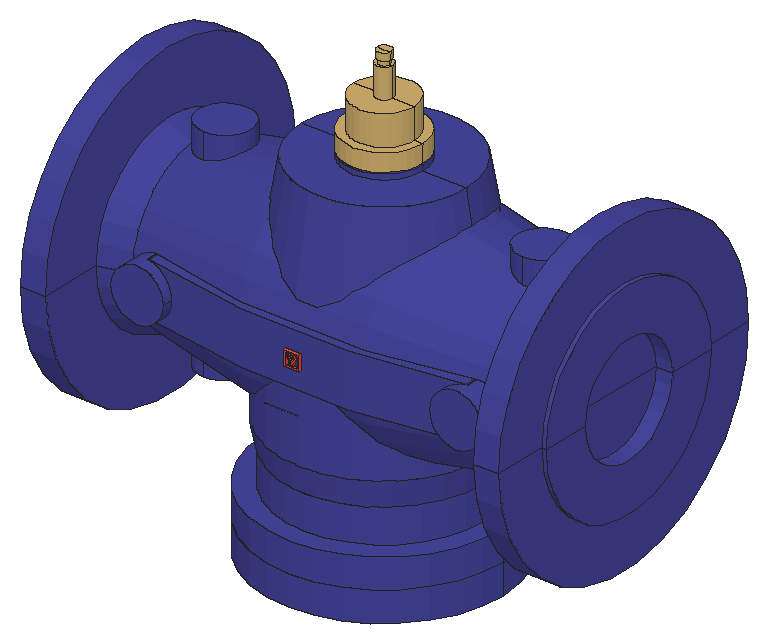
Revit family "Two port control valves 4035_PN16", category Rohrzubehör, Revit 2021
Family settings
  Bemaßung runder Anschluss = Durchmesser verwenden
  Teiletyp = Unterbricht
  OmniClass-Nummer = 23.65.55.14
  OmniClass-Titel = Valves for Liquid Services
  Arbeitsebenenbasiert = Nein
  Immer vertikal = Ja
  Beim Laden mit Abzugskörper schneiden = Nein
  Gemeinsam genutzt = Nein
Parameters (values of type "kvs63")
  kvs63 = yes
  kvs6.3 = no
  kvs40 = no
  kvs4 = no
  kvs330 = no
  kvs250 = no
  kvs25 = no
  kvs2.5 = no
  kvs160 = no
  kvs16 = no
  kvs100 = no
  kvs10 = no
  kvs1.6 = no
  kvs1 = no
  Weight [instance] = size_lookup("4035_PN16", "Gewicht", 25, Nennweite)  # 25
  Vorgabe-Ansicht = 0 mm
  Valve seat material = "WN1.4021"  # constant formula
  Valve cone material = "WN1.4021/brass"  # constant formula
  Valve curve characteristic = "equal percentage"  # constant formula
  URL = "www.herzvalves.com"
  Stem material = "WN1.4404"  # constant formula
  SCTWSEQ = "FW;SBT_TYP_FW=\"101\";2"
  SCTWCODE = "04;05;02"  # constant formula
  SCRNSEQ = "ARM;ARM_TYP=\"DURR\";2"
  SCRNCODE = "05;06;02"  # constant formula
  R14 = 4 mm  # constant formula
  R13 = 3 mm  # constant formula
  R12 = 5 mm  # constant formula
  R11 [instance] = size_lookup("4035_PN16", "R11", 18 mm, Nennweite)  # 18 mm
  R10 [instance] = size_lookup("4035_PN16", "R10", 23 mm, Nennweite)  # 23 mm
  R09 [instance] = size_lookup("4035_PN16", "R9", 49 mm, Nennweite)  # 49 mm
  R08 [instance] = R00 + 3 mm  # 68 mm
  R07 [instance] = size_lookup("4035_PN16", "R7", 15.5 mm, Nennweite)  # 15.5 mm
  R06 [instance] = size_lookup("4035_PN16", "R6", 15.5 mm, Nennweite)  # 15.5 mm
  R05 [instance] = size_lookup("4035_PN16", "R5", 62.5 mm, Nennweite)  # 62.5 mm
  R04 [instance] = size_lookup("4035_PN16", "R4", 59.5 mm, Nennweite)  # 59.5 mm
  R03 [instance] = size_lookup("4035_PN16", "R3", 43 mm, Nennweite)  # 71 mm
  R02 [instance] = size_lookup("4035_PN16", "R2", 43 mm, Nennweite)  # 43 mm
  R01 [instance] = size_lookup("4035_PN16", "R1", 55.5 mm, Nennweite)  # 55.5 mm
  R00 [instance] = size_lookup("4035_PN16", "R", 65 mm, Nennweite)  # 65 mm
  Part number [instance] = if(and(kvs1, Nennweite = 15 mm), 403501, if(and(kvs1.6, Nennweite = 15 mm), 403511, if(and(kvs2.5, Nennweite = 15 mm), 403521, if(and(kvs4, Nennweite = 15 mm), 403531, if(and(kvs6.3, Nennweite = 25 mm), 403503, if(and(kvs10, Nennweite = 25 mm), 403513, if(and(kvs16, Nennweite = 32 mm), 403504, if(and(kvs25, Nennweite = 40 mm), 403505, if(and(kvs40, Nennweite = 50 mm), 403516, if(and(kvs63, Nennweite = 65 mm), 403507, if(and(kvs100, Nennweite = 80 mm), 403508, if(and(kvs160, Nennweite = 100 mm), 403509, if(and(kvs250, Nennweite = 125 mm), 403510, if(and(kvs330, Nennweite = 150 mm), 403541, 0))))))))))))))  # 403507
  PN = 16  # constant formula
  Nennweite [instance] = 65 mm
  min. Operating temperature = 5 °C  # constant formula
  max. Operating temperature = 150 °C  # constant formula
  max. Operating pressure = 1600000.0 Pa  # constant formula
  Medium = "water purity in accordance with the ÖNORM H 5195 and VDI 2035 standards."
  LO1 [instance] = size_lookup("4035_PN16", "LO1", 28.5 mm, Nennweite)  # 68 mm
  L07 [instance] = L06 - R06  # 94.5 mm
  L06 [instance] = size_lookup("4035_PN16", "L6", 110 mm, Nennweite)  # 110 mm
  L05 [instance] = D00  # 92.5 mm
  L03 = 10 mm  # constant formula
  L02 [instance] = size_lookup("4035_PN16", "L2", 15 mm, Nennweite)  # 15 mm
  L01 = 3 mm  # constant formula
  L00 [instance] = size_lookup("4035_PN16", "L", 145 mm, Nennweite)  # 145 mm
  Hersteller = "Herz-Armaturen GmbH"  # constant formula
  H18 [instance] = 17.5 mm  # constant formula
  H15 = 4 mm  # constant formula
  H14 [instance] = size_lookup("4035_PN16", "H14", 17 mm, Nennweite)  # 17 mm
  H13 [instance] = size_lookup("4035_PN16", "H13", 18 mm, Nennweite)  # 18 mm
  H12 [instance] = size_lookup("4035_PN16", "H12", 10.5 mm, Nennweite)  # 10.5 mm
  H11 [instance] = size_lookup("4035_PN16", "H11", 52.5 mm, Nennweite)  # 52.5 mm
  H10 [instance] = size_lookup("4035_PN16", "H10", 135.4 mm, Nennweite)  # 135.4 mm
  H09 = 3 mm  # constant formula
  H08 [instance] = size_lookup("4035_PN16", "H8", 79 mm, Nennweite)  # 79 mm
  H07 [instance] = R00  # 65 mm
  H06 [instance] = size_lookup("4035_PN16", "H6", 59 mm, Nennweite)  # 59 mm
  H05 [instance] = size_lookup("4035_PN16", "H5", 20 mm, Nennweite)  # 20 mm
  H04 [instance] = size_lookup("4035_PN16", "H4", 17 mm, Nennweite)  # 17 mm
  H02 [instance] = size_lookup("4035_PN16", "H2", 38 mm, Nennweite)  # 38 mm
  H03 [instance] = size_lookup("4035_PN16", "H3", 112 mm, Nennweite)  # 112 mm
  H01 [instance] = size_lookup("4035_PN16", "H1", 14 mm, Nennweite)  # 18 mm
  Valve body material = "EN-GJL-250 (EN 1561)"  # constant formula
  Sealing element material = "70EPDM"  # constant formula
  DN80 [instance] = Nennweite = 80 mm  # no
  DN65 [instance] = Nennweite = 65 mm  # yes
  DN50 [instance] = Nennweite = 50 mm  # no
  DN40 [instance] = Nennweite = 40 mm  # no
  DN32 [instance] = Nennweite = 32 mm  # no
  DN25 [instance] = Nennweite = 25 mm  # no
  DN150 [instance] = Nennweite = 150 mm  # no
  DN15 [instance] = Nennweite = 15 mm  # no
  DN125 [instance] = Nennweite = 125 mm  # no
  DN100 [instance] = Nennweite = 100 mm  # no
  D02 [instance] = Nennweite / 2  # 32.5 mm
  D01 [instance] = size_lookup("4035_PN16", "D1", 61 mm, Nennweite)  # 61 mm
  D00 [instance] = size_lookup("4035_PN16", "D", 92.5 mm, Nennweite)  # 92.5 mm
  built-in parameter 1010103 = ""
  Description = "the two port flanged valve is primarily designed to control the flow of circulation water in district heating and HVAC systems, as well as for remote closing of heating pipelines.\r\ncirculation medium should be cold, warm and hot water in temperature range from 5°C to 150°C.\r\nthe valve can be utilized in almost all heating, ventilation and air-conditioning systems and in industrial and technological processes.\r\nthe valve curve is equal percentage.\r\nregulation ratio (ratio between nominal and minimal flow coefficient) is 30:1.\r\nthe selection of the two port flanged valve is according to the diagram of kvs values.\r\n\r\nFor PN16: Valve is closed when the stem is out. valve is open when the stem is depressed."
  Type of connection = "EN 1092-2"  # constant formula
Types (15, lengths in mm): name | kvs63 | kvs6.3 | kvs40 | kvs4 | kvs330 | kvs250 | kvs25 | kvs2.5 | kvs160 | kvs16 | kvs100 | kvs10 | kvs1.6 | kvs1 | Weight | R11 | R10 | R09 | R08 | R07 | R06 | R05 | R04 | R03 | R02 | R01 | R00 | Part number | Nennweite | Medium | LO1 | L07 | L06 | L05 | L02 | L00 | H14 | H13 | H12 | H11 | H10 | H08 | H07 | H06 | H05 | H04 | H02 | H03 | H01 | DN80 | DN65 | DN50 | DN40 | DN32 | DN25 | DN150 | DN15 | DN125 | DN100 | D02 | D01 | D00
  (no name) | yes | no | no | no | no | no | no | no | no | no | no | no | no | no | 25 | 18 | 23 | 49 | 68 | 15.5 | 15.5 | 62.5 | 59.5 | 71 | 43 | 55.5 | 65 | 403507 | 65 | "water purity in accordance with the ÖNORM H 5195 and VDI 2035 standards." | 68 | 94.5 | 110 | 92.5 | 15 | 145 | 17 | 18 | 10.5 | 52.5 | 135.4 | 79 | 65 | 59 | 20 | 17 | 38 | 112 | 18 | no | yes | no | no | no | no | no | no | no | no | 32.5 | 61 | 92.5
  kvs1 | no | no | no | no | no | no | no | no | no | no | no | no | no | yes | 5 | 10 | 15 | 19.5 | 29.5 | 6 | 6 | 24 | 21 | 32.5 | 14 | 17 | 26.5 | 403501 | 15 | "water purity in accordance with the ÖNORM H 5195 and VDI 2035 standards." | 27.5 | 34 | 40 | 47.5 | 11 | 65 | 13 | 14 | 6.8 | 40.8 | 80.3 | 36.5 | 26.5 | 24.5 | 5 | 13 | 11 | 49 | 14 | no | no | no | no | no | no | no | yes | no | no | 7.5 | 22.5 | 47.5
  kvs1.6 | no | no | no | no | no | no | no | no | no | no | no | no | yes | no | 5 | 10 | 15 | 19.5 | 29.5 | 6 | 6 | 24 | 21 | 32.5 | 14 | 17 | 26.5 | 403511 | 15 | "water purity in accordance with the ÖNORM H 5195 and VDI 2035 standards" | 27.5 | 34 | 40 | 47.5 | 11 | 65 | 13 | 14 | 6.8 | 40.8 | 80.3 | 36.5 | 26.5 | 24.5 | 5 | 13 | 11 | 49 | 14 | no | no | no | no | no | no | no | yes | no | no | 7.5 | 22.5 | 47.5
  kvs2.5 | no | no | no | no | no | no | no | yes | no | no | no | no | no | no | 5 | 10 | 15 | 19.5 | 29.5 | 6 | 6 | 24 | 21 | 32.5 | 14 | 17 | 26.5 | 403521 | 15 | "water purity in accordance with the ÖNORM H 5195 and VDI 2035 standards" | 27.5 | 34 | 40 | 47.5 | 11 | 65 | 13 | 14 | 6.8 | 40.8 | 80.3 | 36.5 | 26.5 | 24.5 | 5 | 13 | 11 | 49 | 14 | no | no | no | no | no | no | no | yes | no | no | 7.5 | 22.5 | 47.5
  kvs4 | no | no | no | yes | no | no | no | no | no | no | no | no | no | no | 5 | 10 | 15 | 19.5 | 29.5 | 6 | 6 | 24 | 21 | 32.5 | 14 | 17 | 26.5 | 403531 | 15 | "water purity in accordance with the ÖNORM H 5195 and VDI 2035 standards" | 27.5 | 34 | 40 | 47.5 | 11 | 65 | 13 | 14 | 6.8 | 40.8 | 80.3 | 36.5 | 26.5 | 24.5 | 5 | 13 | 11 | 49 | 14 | no | no | no | no | no | no | no | yes | no | no | 7.5 | 22.5 | 47.5
  kvs6.3 | no | yes | no | no | no | no | no | no | no | no | no | no | no | no | 8 | 10 | 15 | 19.5 | 41 | 7 | 7 | 35.5 | 32.5 | 44 | 19.5 | 28.5 | 38 | 403503 | 25 | "water purity in accordance with the ÖNORM H 5195 and VDI 2035 standards" | 40 | 45 | 52 | 57.5 | 13 | 80 | 13 | 14 | 6.8 | 40.8 | 88.3 | 44.5 | 38 | 35 | 5 | 15 | 3 | 64 | 16 | no | no | no | no | no | yes | no | no | no | no | 12.5 | 34 | 57.5
  kvs10 | no | no | no | no | no | no | no | no | no | no | no | yes | no | no | 8 | 10 | 15 | 19.5 | 41 | 7 | 7 | 35.5 | 32.5 | 44 | 19.5 | 28.5 | 38 | 403513 | 25 | "water purity in accordance with the ÖNORM H 5195 and VDI 2035 standards" | 40 | 45 | 52 | 57.5 | 13 | 80 | 13 | 14 | 6.8 | 40.8 | 88.3 | 44.5 | 38 | 35 | 5 | 15 | 3 | 64 | 16 | no | no | no | no | no | yes | no | no | no | no | 12.5 | 34 | 57.5
  kvs16 | no | no | no | no | no | no | no | no | no | yes | no | no | no | no | 11.5 | 10 | 15 | 20.5 | 46 | 9 | 9 | 40.5 | 37.5 | 49 | 24.5 | 33.5 | 43 | 403504 | 32 | "water purity in accordance with the ÖNORM H 5195 and VDI 2035 standards" | 45 | 51 | 60 | 70 | 13 | 90 | 17 | 18 | 10.5 | 52.5 | 102 | 46.5 | 43 | 39 | 15 | 15 | 4 | 84 | 16 | no | no | no | no | yes | no | no | no | no | no | 16 | 39 | 70
  kvs25 | no | no | no | no | no | no | yes | no | no | no | no | no | no | no | 13 | 10 | 15 | 20.5 | 51 | 12 | 12 | 45.5 | 42.5 | 54 | 29 | 38.5 | 48 | 403505 | 40 | "water purity in accordance with the ÖNORM H 5195 and VDI 2035 standards" | 50 | 56 | 68 | 75 | 13 | 100 | 17 | 18 | 10.5 | 52.5 | 112 | 56.5 | 48 | 43 | 20 | 15 | 1 | 94 | 16 | no | no | no | yes | no | no | no | no | no | no | 20 | 44 | 75
  kvs63 | yes | no | no | no | no | no | no | no | no | no | no | no | no | no | 25 | 18 | 23 | 49 | 68 | 15.5 | 15.5 | 62.5 | 59.5 | 71 | 43 | 55.5 | 65 | 403507 | 65 | "water purity in accordance with the ÖNORM H 5195 and VDI 2035 standards." | 68 | 94.5 | 110 | 92.5 | 15 | 145 | 17 | 18 | 10.5 | 52.5 | 135.4 | 79 | 65 | 59 | 20 | 17 | 38 | 112 | 18 | no | yes | no | no | no | no | no | no | no | no | 32.5 | 61 | 92.5
  kvs100 | no | no | no | no | no | no | no | no | no | no | yes | no | no | no | 31 | 18 | 23 | 49 | 76 | 15.5 | 15.5 | 70.5 | 67.5 | 79 | 51 | 63.5 | 73 | 403508 | 80 | "water purity in accordance with the ÖNORM H 5195 and VDI 2035 standards" | 77 | 99.5 | 115 | 100 | 17 | 155 | 17 | 18 | 10.5 | 52.5 | 168.5 | 113 | 73 | 65 | 20 | 19 | 46 | 125 | 20 | yes | no | no | no | no | no | no | no | no | no | 40 | 69 | 100
  kvs160 | no | no | no | no | no | no | no | no | yes | no | no | no | no | no | 46 | 30 | 35 | 61 | 86 | 20.5 | 20.5 | 80.5 | 77.5 | 89 | 61 | 73.5 | 83 | 403509 | 100 | "water purity in accordance with the ÖNORM H 5195 and VDI 2035 standards" | 88 | 112.5 | 133 | 110 | 17 | 175 | 21 | 22 | 14.2 | 64.2 | 189.7 | 122.5 | 83 | 73 | 25 | 19 | 65 | 135 | 20 | no | no | no | no | no | no | no | no | no | yes | 50 | 79 | 110
  kvs250 | no | no | no | no | no | yes | no | no | no | no | no | no | no | no | 72 | 30 | 35 | 61 | 101 | 20.5 | 20.5 | 95.5 | 92.5 | 104 | 76 | 88.5 | 98 | 403510 | 125 | "water purity in accordance with the ÖNORM H 5195 and VDI 2035 standards" | 103 | 134.5 | 155 | 125 | 19 | 200 | 21 | 22 | 14.2 | 64.2 | 231 | 163.5 | 98 | 80 | 30 | 21 | 44 | 158 | 21 | no | no | no | no | no | no | no | no | yes | no | 62.5 | 94 | 125
  kvs330 | no | no | no | no | yes | no | no | no | no | no | no | no | no | no | 91 | 30 | 35 | 61 | 113 | 20.5 | 20.5 | 107.5 | 104.5 | 116 | 88 | 100.5 | 110 | 403541 | 150 | "water purity in accordance with the ÖNORM H 5195 and VDI 2035 standards" | 115 | 174.5 | 195 | 142.5 | 19 | 240 | 21 | 22 | 14.2 | 64.2 | 237.5 | 170 | 110 | 85 | 25 | 21 | 42 | 153 | 21 | no | no | no | no | no | no | yes | no | no | no | 75 | 106 | 142.5
  kvs40 | no | no | yes | no | no | no | no | no | no | no | no | no | no | no | 16 | 18 | 23 | 49 | 56 | 13.5 | 13.5 | 52.5 | 49.5 | 61 | 34 | 45.5 | 53 | 403516 | 50 | "water purity in accordance with the ÖNORM H 5195 and VDI 2035 standards" | 56 | 66.5 | 80 | 82.5 | 15 | 115 | 17 | 18 | 10.5 | 52.5 | 122 | 66.5 | 53 | 43 | 1 | 15 | 42 | 67 | 18 | no | no | yes | no | no | no | no | no | no | no | 25 | 51 | 82.5
Reference planes
  plane 1 "Mitte (Vorne/hinten)": y = 0
  plane 2: z = 0
  plane 3 "Mitte (Links/rechts)": x = 0
Forms (mm)
  Revolve 1, solid, material "kunststoff-BLAU", detail levels fine
    sketch origin (1065, 0, 0) x (1, 0, 0) y (0, 1, 0)
      loop
        line (-1207, 61) -> (-1210, 61) -> (-1210, 32.5) -> (-1200, 32.5) -> (-1200, 0) -> (-930, 0) -> (-930, 32.5) -> (-920, 32.5) -> (-920, 61) -> (-923, 61) -> (-923, 92.5) -> (-938, 92.5) -> (-938, 55.5) -> (-955, 49.943)
        arc (-955, 49.943) -> (-1065, 65) -> (-1175, 49.943) r 409.331
        line (-1175, 49.943) -> (-1192, 55.5) -> (-1192, 92.5) -> (-1207, 92.5) -> (-1207, 61)
      axis (-920, 0) -> (-1210, 0)
    angle from 0 to 360
  Extrusion 2, solid, material "kunststoff-BLAU", detail levels fine
    sketch origin (0, 0, 0) x (-1, 0, 0) y (0, 0, -1)
      loop
        circle (94.5, 0) r 15.5
      loop
        circle (-94.5, 0) r 15.5
    from -65 to 65
  Extrusion 3, solid, material "kunststoff-BLAU", visible <- "DN65", detail levels fine
    sketch origin (0, 0, 0) x (1, 0, 0) y (0, 1, 0)
      loop
        arc (-95, -56.907) -> (0, -68) -> (95, -56.907) r 412.331
        line (95, -56.907) -> (95, 56.907)
        arc (95, 56.907) -> (0, 68) -> (-95, 56.907) r 412.331
        line (-95, 56.907) -> (-95, -56.907)
    from -15.5 to 15.5
  Revolve 4, solid, material "kunststoff-BLAU", detail levels fine
    sketch origin (0, 0, 0) x (1, 0, 0) y (0, 0, 1)
      loop
        line (-49, 79) -> (-62.5, 0) -> (0, 0) -> (0, 82) -> (-23, 82) -> (-23, 79) -> (-49, 79)
      axis (0, 82) -> (0, 0)
    angle from 0 to 360
  Revolve 5, solid, material "kunststoff-BLAU", detail levels fine
    sketch origin (0, 0, 0) x (1, 0, 0) y (0, 0, 1)
      loop
        line (0, 0) -> (-62.5, 0) -> (-62.5, -59) -> (-59.5, -74.5) -> (-59.5, -94.5) -> (-71, -94.5) -> (-71, -112) -> (0, -112) -> (0, 0)
      axis (0, 0) -> (0, -112)
    angle from 0 to 360
  Revolve 6, solid, material "kunststoff-BLAU", detail levels fine
    sketch origin (0, 0, 0) x (1, 0, 0) y (0, 0, 1)
      loop
        line (0, -112) -> (-71, -112) -> (-71, -130) -> (0, -130) -> (0, -112)
      axis (0, -112) -> (0, -130)
    angle from 0 to 360
  Extrusion 7, solid, material "kunststoff-BLAU", detail levels fine
    sketch origin (0, 0, 0) x (0, -1, 0) y (1, 0, 0)
      loop
        circle (0, -94.5) r 15.5
      loop
        circle (0, 94.5) r 15.5
    from -65 to 65
  Extrusion 8, solid, material "kunststoff-BLAU", visible <- "DN150", detail levels fine
    sketch origin (0, 0, 0) x (1, 0, 0) y (0, 1, 0)
      loop
        arc (-179.5, -78.475) -> (0, -115) -> (179.5, -78.475) r 459.331
        line (179.5, -78.475) -> (179.5, 78.475)
        arc (179.5, 78.475) -> (0, 115) -> (-179.5, 78.475) r 459.331
        line (-179.5, 78.475) -> (-179.5, -78.475)
    from -20.5 to 20.5
  Extrusion 9, solid, material "kunststoff-BLAU", visible <- "DN125", detail levels fine
    sketch origin (0, 0, 0) x (1, 0, 0) y (0, 1, 0)
      loop
        arc (-134.5, -82.301) -> (0, -103) -> (134.5, -82.301) r 447.331
        line (134.5, -82.301) -> (134.5, 82.301)
        arc (134.5, 82.301) -> (0, 103) -> (-134.5, 82.301) r 447.331
        line (-134.5, 82.301) -> (-134.5, -82.301)
    from -20.5 to 20.5
  Extrusion 10, solid, material "kunststoff-BLAU", visible <- "DN100", detail levels fine
    sketch origin (0, 0, 0) x (1, 0, 0) y (0, 1, 0)
      loop
        arc (-112.5, -73.106) -> (0, -88) -> (112.5, -73.106) r 432.331
        line (112.5, -73.106) -> (112.5, 73.106)
        arc (112.5, 73.106) -> (0, 88) -> (-112.5, 73.106) r 432.331
        line (-112.5, 73.106) -> (-112.5, -73.106)
    from -20.5 to 20.5
  Extrusion 11, solid, material "kunststoff-BLAU", visible <- "DN80", detail levels fine
    sketch origin (0, 0, 0) x (1, 0, 0) y (0, 1, 0)
      loop
        line (99.5, -65.083) -> (99.5, 65.083)
        arc (99.5, 65.083) -> (0, 77) -> (-99.5, 65.083) r 421.331
        line (-99.5, 65.083) -> (-99.5, -65.083)
        arc (-99.5, -65.083) -> (0, -77) -> (99.5, -65.083) r 421.331
    from -15.5 to 15.5
  Extrusion 12, solid, material "kunststoff-BLAU", visible <- "DN50", detail levels fine
    sketch origin (0, 0, 0) x (1, 0, 0) y (0, 1, 0)
      loop
        arc (-66.5, -50.44) -> (0, -56.006) -> (66.5, -50.44) r 400.05
        line (66.5, -50.44) -> (66.5, 50.44)
        arc (66.5, 50.44) -> (0, 56.006) -> (-66.5, 50.44) r 400.05
        line (-66.5, 50.44) -> (-66.5, -50.44)
    from -13.5 to 13.5
  Extrusion 13, solid, material "kunststoff-BLAU", visible <- "DN40", detail levels fine
    sketch origin (0, 0, 0) x (1, 0, 0) y (0, 1, 0)
      loop
        arc (-56, -46.003) -> (0, -50) -> (56, -46.003) r 394.331
        line (56, -46.003) -> (56, 46.003)
        arc (56, 46.003) -> (0, 50) -> (-56, 46.003) r 394.331
        line (-56, 46.003) -> (-56, -46.003)
    from -12 to 12
  Extrusion 14, solid, material "kunststoff-BLAU", visible <- "DN32", detail levels fine
    sketch origin (0, 0, 0) x (1, 0, 0) y (0, 1, 0)
      loop
        arc (-51, -41.645) -> (0, -45) -> (51, -41.645) r 389.331
        line (51, -41.645) -> (51, 41.645)
        arc (51, 41.645) -> (0, 45) -> (-51, 41.645) r 389.331
        line (-51, 41.645) -> (-51, -41.645)
    from -9 to 9
  Extrusion 15, solid, material "kunststoff-BLAU", visible <- "DN25", detail levels fine
    sketch origin (0, 0, 0) x (1, 0, 0) y (0, 1, 0)
      loop
        line (45, -37.356) -> (45, 37.356)
        arc (45, 37.356) -> (0, 40) -> (-45, 37.356) r 384.331
        line (-45, 37.356) -> (-45, -37.356)
        arc (-45, -37.356) -> (0, -40) -> (45, -37.356) r 384.331
    from -7 to 7
  Extrusion 16, solid, material "kunststoff-BLAU", visible <- "DN15", detail levels fine
    sketch origin (0, 0, 0) x (1, 0, 0) y (0, 1, 0)
      loop
        line (-34, 25.942) -> (-34, -25.942)
        arc (-34, -25.942) -> (0, -27.5) -> (34, -25.942) r 371.831
        line (34, -25.942) -> (34, 25.942)
        arc (34, 25.942) -> (0, 27.5) -> (-34, 25.942) r 371.831
    from -6 to 6
  Revolve 17, solid, material "Messing-poliert", detail levels fine
    sketch origin (0, 0, 0) x (1, 0, 0) y (0, 0, 1)
      loop
        line (-23, 93.4) -> (-23, 82.9) -> (0, 82.9) -> (0, 135.4) -> (-4, 135.4) -> (-4, 131.4) -> (-3, 131.4) -> (-3, 128.4) -> (-5, 128.4) -> (-5, 111.4) -> (-18, 111.4) -> (-18, 93.4) -> (-23, 93.4)
      axis (0, 135.4) -> (0, 82.9)
    angle from 0 to 360
Lines and regions (mm)
  model lines, detail levels coarse+medium
    curve 1: line (145, 0, 92.5) -> (145, 0, -92.5)
    curve 2: line (145, 0, -92.5) -> (-145, 0, 92.5)
    curve 3: line (-145, 0, 92.5) -> (-145, 0, -92.5)
    curve 4: line (-145, 0, -92.5) -> (145, 0, 92.5)
    curve 5: line (145, 92.5, 0) -> (145, -92.5, 0)
    curve 6: line (145, -92.5, 0) -> (-145, 92.5, 0)
    curve 7: line (-145, 92.5, 0) -> (-145, -92.5, 0)
    curve 8: line (-145, -92.5, 0) -> (145, 92.5, 0)
Dimensions and locks
  "L00": Revolve 1 sketch curve to plane 3 "Mitte (Links/rechts)" to Revolve 1 sketch curve
  "D00": plane 1 "Mitte (Vorne/hinten)" to Revolve 1 sketch curve  (x2)
  "D02": plane 1 "Mitte (Vorne/hinten)" to Revolve 1 sketch curve  (x2)
  "L01": Revolve 1 sketch curve to Revolve 1 sketch curve  (x2)
  "L02": Revolve 1 sketch curve to Revolve 1 sketch curve  (x2)
  "D01": plane 1 "Mitte (Vorne/hinten)" to Revolve 1 sketch curve  (x2)
  "R01": plane 1 "Mitte (Vorne/hinten)" to Revolve 1 sketch curve  (x2)
  "R00": Revolve 1 sketch curve to Revolve 1 sketch curve
  "L03": Revolve 1 sketch curve to Revolve 1 sketch curve  (x2)
  "H01": Revolve 6 sketch curve to Revolve 6 sketch curve
  "R03": plane 3 "Mitte (Links/rechts)" to Revolve 6 sketch curve
  "R03": Revolve 5 sketch curve to Revolve 5 sketch curve
  "H03": plane 2 to Revolve 5 sketch curve
  "H06": Revolve 5 sketch curve to Revolve 5 sketch curve
  "R04": Revolve 5 sketch curve to Revolve 5 sketch curve
  "R05": Revolve 5 sketch curve to Revolve 5 sketch curve
  "H05": Revolve 5 sketch curve to Revolve 5 sketch curve
  "L06": Revolve 1 sketch curve to plane 3 "Mitte (Links/rechts)" to Revolve 1 sketch curve
  "H03": plane 2 to Revolve 6 sketch curve
  "R09": Revolve 4 sketch curve to Revolve 4 sketch curve
  "R05": Revolve 4 sketch curve to Revolve 4 sketch curve
  "H07": Extrusion 7 to plane 2 to Extrusion 7  (x2)
  "L07": plane 3 "Mitte (Links/rechts)" to Extrusion 7 sketch curve
  "L07": Extrusion 7 sketch curve to plane 3 "Mitte (Links/rechts)"
  "H07": Extrusion 2 to plane 1 "Mitte (Vorne/hinten)"  (x3)
  "L07": plane 3 "Mitte (Links/rechts)" to Extrusion 2 sketch curve
  "L07": Extrusion 2 sketch curve to plane 3 "Mitte (Links/rechts)"
  "H07": plane 1 "Mitte (Vorne/hinten)" to Extrusion 2
  "H08": Revolve 4 sketch curve to plane 2
  "H09": Revolve 4 sketch curve to Revolve 4 sketch curve
  "R10": plane 3 "Mitte (Links/rechts)" to Revolve 4 sketch curve
  "H11": Revolve 17 sketch curve to Revolve 17 sketch curve
  "H10": Revolve 17 sketch curve to plane 2
  "R10": plane 3 "Mitte (Links/rechts)" to Revolve 17 sketch curve
  "H12": Revolve 17 sketch curve to Revolve 17 sketch curve
  "H13": Revolve 17 sketch curve to Revolve 17 sketch curve
  "H14": Revolve 17 sketch curve to Revolve 17 sketch curve
  "H15": Revolve 17 sketch curve to Revolve 17 sketch curve
  "R14": plane 3 "Mitte (Links/rechts)" to Revolve 17 sketch curve
  "R13": plane 3 "Mitte (Links/rechts)" to Revolve 17 sketch curve
  "R11": plane 3 "Mitte (Links/rechts)" to Revolve 17 sketch curve
  "R12": plane 3 "Mitte (Links/rechts)" to Revolve 17 sketch curve
  "LO1": nested 1 to plane 1 "Mitte (Vorne/hinten)"
  "H18": Revolve 5 sketch curve to Revolve 6
  "D00": curve 3 to plane 2 to curve 4
  "D00": curve 4 to plane 2 to curve 2
  "L00": curve 3 to plane 3 "Mitte (Links/rechts)" to curve 1
  "D00": curve 8 to plane 1 "Mitte (Vorne/hinten)" to curve 7
  "D00": curve 5 to plane 1 "Mitte (Vorne/hinten)" to curve 8
  "L00": curve 7 to plane 3 "Mitte (Links/rechts)" to curve 5
  "R06": radius of Extrusion 7 sketch curve  (x2)
  "R07": radius of Extrusion 2 sketch curve  (x2)
  aligned and locked: level to plane 2
Automatic sketch dimensions
  Extrusion 3 sketch curve to plane 1 "Mitte (Vorne/hinten)" = 56.907 mm  (x2)
  Extrusion 3 sketch curve to plane 3 "Mitte (Links/rechts)" = 0 mm  (x2)
  Extrusion 3 sketch curve to Extrusion 3 sketch curve = 113.814 mm
  Extrusion 3 sketch curve to Extrusion 3 sketch curve = 287.425 mm
  Extrusion 3 sketch curve to plane 1 "Mitte (Vorne/hinten)" = 344.331 mm
  plane 3 "Mitte (Links/rechts)" to Extrusion 3 sketch curve = 95 mm
  Extrusion 8 sketch curve to plane 3 "Mitte (Links/rechts)" = 0 mm  (x2)
  Extrusion 8 sketch curve to plane 1 "Mitte (Vorne/hinten)" = 78.475 mm  (x2)
  plane 1 "Mitte (Vorne/hinten)" to Extrusion 8 sketch curve = 78.475 mm
  Extrusion 8 sketch curve to plane 3 "Mitte (Links/rechts)" = 179.5 mm
  Extrusion 8 sketch curve to Extrusion 8 sketch curve = 265.857 mm
  Extrusion 8 sketch curve to plane 1 "Mitte (Vorne/hinten)" = 344.331 mm
  plane 3 "Mitte (Links/rechts)" to Extrusion 9 sketch curve = 134.5 mm
  plane 1 "Mitte (Vorne/hinten)" to Extrusion 9 sketch curve = 82.301 mm  (x2)
  Extrusion 9 sketch curve to plane 3 "Mitte (Links/rechts)" = 0 mm  (x2)
  Extrusion 9 sketch curve to Extrusion 9 sketch curve = 262.031 mm  (x2)
  Extrusion 9 sketch curve to plane 1 "Mitte (Vorne/hinten)" = 82.301 mm
  Extrusion 10 sketch curve to plane 3 "Mitte (Links/rechts)" = 0 mm  (x2)
  plane 1 "Mitte (Vorne/hinten)" to Extrusion 10 sketch curve = 73.106 mm
  Extrusion 10 sketch curve to plane 3 "Mitte (Links/rechts)" = 112.5 mm
  Extrusion 10 sketch curve to Extrusion 10 sketch curve = 271.225 mm
  Extrusion 10 sketch curve to plane 1 "Mitte (Vorne/hinten)" = 344.331 mm
  Extrusion 10 sketch curve to plane 1 "Mitte (Vorne/hinten)" = 73.106 mm  (x2)
  Extrusion 11 sketch curve to plane 3 "Mitte (Links/rechts)" = 0 mm  (x2)
  plane 1 "Mitte (Vorne/hinten)" to Extrusion 11 sketch curve = 65.083 mm  (x2)
  Extrusion 11 sketch curve to plane 3 "Mitte (Links/rechts)" = 99.5 mm
  Extrusion 11 sketch curve to Extrusion 11 sketch curve = 279.249 mm
  Extrusion 11 sketch curve to plane 1 "Mitte (Vorne/hinten)" = 344.331 mm
  Extrusion 11 sketch curve to plane 1 "Mitte (Vorne/hinten)" = 65.083 mm
  Extrusion 12 sketch curve to plane 3 "Mitte (Links/rechts)" = 0 mm  (x2)
  Extrusion 12 sketch curve to plane 3 "Mitte (Links/rechts)" = 66.5 mm
  plane 3 "Mitte (Links/rechts)" to Extrusion 12 sketch curve = 66.5 mm
  plane 1 "Mitte (Vorne/hinten)" to Extrusion 12 sketch curve = 344.044 mm
  plane 1 "Mitte (Vorne/hinten)" to Extrusion 12 sketch curve = 50.44 mm
  Extrusion 12 sketch curve to plane 1 "Mitte (Vorne/hinten)" = 50.44 mm
  Extrusion 12 sketch curve to Extrusion 12 sketch curve = 293.604 mm
  Extrusion 13 sketch curve to plane 3 "Mitte (Links/rechts)" = 0 mm  (x2)
  Extrusion 13 sketch curve to plane 3 "Mitte (Links/rechts)" = 56 mm
  plane 3 "Mitte (Links/rechts)" to Extrusion 13 sketch curve = 56 mm
  plane 1 "Mitte (Vorne/hinten)" to Extrusion 13 sketch curve = 344.331 mm
  plane 1 "Mitte (Vorne/hinten)" to Extrusion 13 sketch curve = 46.003 mm
  Extrusion 13 sketch curve to plane 1 "Mitte (Vorne/hinten)" = 46.003 mm
  Extrusion 13 sketch curve to Extrusion 13 sketch curve = 298.328 mm
  Extrusion 14 sketch curve to plane 3 "Mitte (Links/rechts)" = 0 mm  (x2)
  Extrusion 14 sketch curve to plane 3 "Mitte (Links/rechts)" = 51 mm
  plane 3 "Mitte (Links/rechts)" to Extrusion 14 sketch curve = 51 mm
  plane 1 "Mitte (Vorne/hinten)" to Extrusion 14 sketch curve = 344.331 mm
  plane 1 "Mitte (Vorne/hinten)" to Extrusion 14 sketch curve = 41.645 mm
  Extrusion 14 sketch curve to plane 1 "Mitte (Vorne/hinten)" = 41.645 mm
  Extrusion 14 sketch curve to Extrusion 14 sketch curve = 302.686 mm
  Extrusion 15 sketch curve to plane 3 "Mitte (Links/rechts)" = 0 mm  (x2)
  Extrusion 15 sketch curve to plane 3 "Mitte (Links/rechts)" = 45 mm
  plane 3 "Mitte (Links/rechts)" to Extrusion 15 sketch curve = 45 mm
  plane 1 "Mitte (Vorne/hinten)" to Extrusion 15 sketch curve = 344.331 mm
  plane 1 "Mitte (Vorne/hinten)" to Extrusion 15 sketch curve = 37.356 mm
  Extrusion 15 sketch curve to plane 1 "Mitte (Vorne/hinten)" = 37.356 mm
  Extrusion 15 sketch curve to Extrusion 15 sketch curve = 306.975 mm
  Extrusion 16 sketch curve to plane 3 "Mitte (Links/rechts)" = 0 mm  (x2)
  Extrusion 16 sketch curve to plane 3 "Mitte (Links/rechts)" = 34 mm
  plane 3 "Mitte (Links/rechts)" to Extrusion 16 sketch curve = 34 mm
  plane 1 "Mitte (Vorne/hinten)" to Extrusion 16 sketch curve = 344.331 mm
  plane 1 "Mitte (Vorne/hinten)" to Extrusion 16 sketch curve = 25.942 mm
  Extrusion 16 sketch curve to plane 1 "Mitte (Vorne/hinten)" = 25.942 mm
  Extrusion 16 sketch curve to Extrusion 16 sketch curve = 318.389 mm
  Revolve 1 sketch curve to plane 1 "Mitte (Vorne/hinten)" = 0 mm
  Revolve 1 sketch curve to plane 3 "Mitte (Links/rechts)" = 0 mm
  plane 1 "Mitte (Vorne/hinten)" to Revolve 1 sketch curve = 0 mm
  plane 1 "Mitte (Vorne/hinten)" to Revolve 1 sketch curve = 344.331 mm
  Revolve 1 sketch curve to Revolve 1 sketch curve = 1855 mm  (x2)
  Extrusion 2 sketch curve to level = 0 mm  (x2)
  Revolve 4 sketch curve to level = 0 mm
  Revolve 4 sketch curve to plane 3 "Mitte (Links/rechts)" = 0 mm  (x2)
  Revolve 4 sketch curve to Revolve 4 sketch curve = 366.045 mm
  Revolve 4 sketch curve to Revolve 4 sketch curve = 2132.315 mm
  Revolve 5 sketch curve to level = 0 mm
  Revolve 5 sketch curve to plane 3 "Mitte (Links/rechts)" = 0 mm  (x2)
  Revolve 5 sketch curve to Revolve 5 sketch curve = 254.045 mm
  level to Revolve 5 sketch curve = 2214.315 mm
  Revolve 6 sketch curve to plane 3 "Mitte (Links/rechts)" = 0 mm  (x2)
  Revolve 6 sketch curve to Revolve 6 sketch curve = 0 mm
  level to Revolve 6 sketch curve = 2214.315 mm
  plane 1 "Mitte (Vorne/hinten)" to Extrusion 7 sketch curve = 0 mm  (x2)
  Revolve 17 sketch curve to plane 3 "Mitte (Links/rechts)" = 0 mm  (x2)
  Revolve 17 sketch curve to level = 366.045 mm
  Revolve 17 sketch curve to Revolve 17 sketch curve = 2079.815 mm
Nested families
  nested 1: "Herz-Logo-vorne" at (-0.018, -68, 0) x (0, 1, 0) z (0, 0, 1), type "Herz-Logo-vorne", detail levels fine
Connectors
  piping at (-145, 0, 0), diameter 65, driven by "Nennweite"
    settings: on Revolve 1, index 1, connector inside diameter 609.6 mm, connector length 0 mm, flow factor 0, pipe flow 0.0 L/s, pressure drop 0.0 Pa, fitting loss kfactor 0, connector angle 0.00°, fixture units 0, engagement length 0 mm, angle of deflection 0.00°, flow configuration 0, flow direction 1, fitting loss method 0, system type 29, joint type 0, gender type 0, connector reference index -1, connector utility 0, adjustable connector no, is connector primary yes, connector description ""
  piping at (145, 0, 0), diameter 65, driven by "Nennweite"
    settings: on Revolve 1, index 2, connector inside diameter 609.6 mm, connector length 0 mm, flow factor 0, pipe flow 0.0 L/s, pressure drop 0.0 Pa, fitting loss kfactor 0, connector angle 0.00°, fixture units 0, engagement length 0 mm, angle of deflection 0.00°, flow configuration 0, flow direction 2, fitting loss method 0, system type 29, joint type 0, gender type 0, connector reference index -1, connector utility 0, adjustable connector no, is connector primary no, connector description ""
Definition of nested family "Herz-Logo-vorne"
  Parameters (values of type "Herz-Logo-vorne")
    Default Elevation = 0 mm
  Reference planes
    plane 1 "Mitte (Vorne/hinten)": y = 0
    plane 2: z = 0
    plane 3 "Mitte (Links/rechts)": x = 0
  Forms (mm)
    Extrusion 1, solid
      sketch origin (0.732, -0.018, 0.017) x (0, -1, 0) y (0, 0, 1)
        loop
          line (-0.018, -4.517) -> (4.482, -4.517) -> (4.482, 4.483) -> (-4.518, 4.483) -> (-4.518, -4.517) -> (-0.018, -4.517)
        loop
          line (-0.05, -3.48) -> (3.482, -3.48) -> (3.482, 3.483) -> (-3.518, 3.483) -> (-3.518, -3.48) -> (-0.05, -3.48)
        loop
          arc (-0.018, 2.383) -> (-1.543, 3.287) -> (-3.067, 2.383) r 1.738
          arc (-3.067, 2.383) -> (-3.191, 1.899) -> (-3.067, 1.415) r 1.009
          line (-3.067, 1.415) -> (-0.018, -3.281) -> (3.032, 1.415)
          arc (3.032, 1.415) -> (3.156, 1.899) -> (3.032, 2.383) r 1.009
          arc (3.032, 2.383) -> (1.507, 3.287) -> (-0.018, 2.383) r 1.738
        loop
          arc (1.885, 1.272) -> (2.005, 1.675) -> (1.885, 2.079) r 0.74
          arc (1.885, 2.079) -> (1.265, 2.416) -> (0.644, 2.079) r 0.74
          line (0.644, 2.079) -> (-0.018, 0.97) -> (-0.679, 2.079)
          arc (-0.679, 2.079) -> (-1.3, 2.416) -> (-1.921, 2.079) r 0.74
          arc (-1.921, 2.079) -> (-2.04, 1.675) -> (-1.921, 1.272) r 0.74
          line (-1.921, 1.272) -> (-0.018, -1.658) -> (1.885, 1.272)
      from 0 to 1.5
  Dimensions and locks
    aligned and locked: level to plane 2
